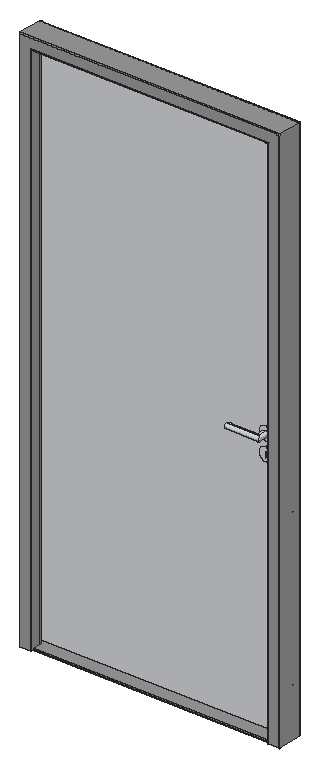
Revit family "Daloc T25 snabbsortiment", category Doors, host Wall, Revit 2017
Family settings
  Host = Wall
  OmniClass Number = 23.30.10.00
  OmniClass Title = Doors
  Always vertical = Yes
  Cut with Voids When Loaded = No
  Shared = No
  Room Calculation Point = No
Parameters (values of type "10x21")
  Vänsterhängd [instance] = no
  Visa kollisionskontroll [instance] = no
  Tröskeltyp V [instance] = no
  Tröskeltyp H [instance] = no
  Tröskeltyp G [instance] = no
  Tröskeltyp CH [instance] = no
  Tröskeltyp CG [instance] = no
  Tröskeltyp B [instance] = yes
  Släplist extrusion start [instance] = 33 mm  # constant formula
  Släplist extrusion end [instance] = Dörrblad bredd + 33 mm  # 957 mm
  Släplist [instance] = or(Tröskeltyp CH, Tröskeltyp CG, Tröskeltyp B)  # yes
  Rough Width = Modulbredd * 100 mm  # 1000 mm
  Monteringshål 99 till 130 [instance] = or(Dörrkarm 45x118, Dörrkarm 45x122, Dörrkarm 45x145)  # no
  Monteringshål 68 till 98 [instance] = or(Dörrkarm 45x68, Dörrkarm 45x92, Dörrkarm 45x98)  # yes
  Modulhöjd [instance] = 21  # constant formula
  Kulör dörrblad [instance] = none
  Kollisionskontroll vänster [instance] = and(Vänsterhängd, Visa kollisionskontroll)  # no
  Kollisionskontroll höger [instance] = and(Högerhängd, Visa kollisionskontroll)  # no
  Högerhängd [instance] = yes
  Function = Interior
  Frigång [instance] = Daloc kollisionskontroll
  Frame Projection Ext. = 25 mm
  Frame Projection Int. = 25 mm
  Frame Width = 75 mm
  Height = 2100 mm
  Wall Closure = By host
  Width = Modulbredd * 100 mm  # 1000 mm
  Modulbredd = 10
  Extra monteringshål 92 till 98 [instance] = and(Extra monteringshål, or(Dörrkarm 45x92, Dörrkarm 45x98))  # no
  Extra monteringshål [instance] = no
  End extrusion kollisionskontroll [instance] = Dörrblad ÖK + 15 mm  # 2060 mm
  Dörrstängare Vänster G [instance] = and(Vänsterhängd, Dörrstängare G sida)  # no
  Dörrstängare Vänster A [instance] = and(Vänsterhängd, Dörrstängare A sida)  # no
  Dörrstängare Höger G [instance] = and(Högerhängd, Dörrstängare G sida)  # no
  Dörrstängare Höger A [instance] = and(Högerhängd, Dörrstängare A sida)  # no
  Dörrstängare G sida [instance] = no
  Dörrstängare A sida [instance] = no
  Dörrkarm 45x98 [instance] = yes
  Dörrkarm 45x92 [instance] = no
  Dörrkarm 45x68 [instance] = no
  Dörrkarm 45x145 [instance] = no
  Dörrkarm 45x122 [instance] = no
  Dörrkarm 45x118 [instance] = no
  Dörrblad ÖK [instance] = Height - 55 mm  # 2045 mm
  Dörrblad tjocklek [instance] = 48 mm  # constant formula
  Dörrblad bredd [instance] = Width - 76 mm  # 924 mm
  Dörrblad UK [instance] = 15 mm
  Datablad [instance] = "http://www.dorrkatalogen.daloc.se/tradorrar/T25/"
Types (4, lengths in mm): name | Släplist extrusion end | Rough Width | Width | Modulbredd | Dörrblad bredd
  (no name) | 957 | 1000 | 1000 | 10 | 924
  8x21 | 757 | 800 | 800 | 8 | 724
  9x21 | 857 | 900 | 900 | 9 | 824
  10x21 | 957 | 1000 | 1000 | 10 | 924
Reference planes
  plane 1: y = 0
  plane 2 "Center (Left/Right)": x = 0
  plane 3 "Left": x = -500
  plane 4 "Right": x = 500
  plane 5: z = 2100
  plane 6 "Exterior": y = 75
  plane 7 "Interior": y = -75
  plane 8: x = 495
  plane 9: x = -495
  plane 10: z = 2093
  plane 11 "tröskel h": x = -480
  plane 12 "tröskel v": x = 480
Forms (mm)
  Sweep 1, solid, material "Daloc dörrkarm VIT S 0500-N", visible <- "Dörrkarm 45x145"
    path origin (0, 75, 0) x (1, 0, 0) y (0, 0, 1)
      loop
        line (495, 0) -> (495, 2093) -> (-495, 2093) -> (-495, 0)
    profile "Träkarm_Profil_45 : 45x145" origin (495, 75, 1046.5) x (-1, 0, 0) y (0, -1, 0)
      loop
        arc (27, 0) -> (29.121, 0.879) -> (30, 3) r 3
        line (30, 3) -> (30, 51)
        arc (30, 51) -> (30.293, 51.707) -> (31, 52) r 1
        line (31, 52) -> (42, 52)
        arc (42, 52) -> (44.121, 52.879) -> (45, 55) r 3
        line (45, 55) -> (45, 142)
        arc (45, 142) -> (44.121, 144.121) -> (42, 145) r 3
        line (42, 145) -> (3, 145)
        arc (3, 145) -> (0.879, 144.121) -> (0, 142) r 3
        line (0, 142) -> (0, 3)
        arc (0, 3) -> (0.879, 0.879) -> (3, 0) r 3
        line (3, 0) -> (27, 0)
  Sweep 2, solid, material "Daloc dörrkarm VIT S 0500-N", visible <- "Dörrkarm 45x122"
    path origin (0, 75, 0) x (1, 0, 0) y (0, 0, 1)
      loop
        line (495, 0) -> (495, 2093) -> (-495, 2093) -> (-495, 0)
    profile "Träkarm_Profil_45 : 45x122" origin (495, 75, 1046.5) x (-1, 0, 0) y (0, -1, 0)
      loop
        arc (27, 0) -> (29.121, 0.879) -> (30, 3) r 3
        line (30, 3) -> (30, 51)
        arc (30, 51) -> (30.293, 51.707) -> (31, 52) r 1
        line (31, 52) -> (42, 52)
        arc (42, 52) -> (44.121, 52.879) -> (45, 55) r 3
        line (45, 55) -> (45, 119)
        arc (45, 119) -> (44.121, 121.121) -> (42, 122) r 3
        line (42, 122) -> (3, 122)
        arc (3, 122) -> (0.879, 121.121) -> (0, 119) r 3
        line (0, 119) -> (0, 3)
        arc (0, 3) -> (0.879, 0.879) -> (3, 0) r 3
        line (3, 0) -> (27, 0)
  Sweep 3, solid, material "Daloc dörrkarm VIT S 0500-N", visible <- "Dörrkarm 45x118"
    path origin (0, 75, 0) x (1, 0, 0) y (0, 0, 1)
      loop
        line (495, 0) -> (495, 2093) -> (-495, 2093) -> (-495, 0)
    profile "Träkarm_Profil_45 : 45x118" origin (495, 75, 1046.5) x (-1, 0, 0) y (0, -1, 0)
      loop
        arc (27, 0) -> (29.121, 0.879) -> (30, 3) r 3
        line (30, 3) -> (30, 51)
        arc (30, 51) -> (30.293, 51.707) -> (31, 52) r 1
        line (31, 52) -> (42, 52)
        arc (42, 52) -> (44.121, 52.879) -> (45, 55) r 3
        line (45, 55) -> (45, 115)
        arc (45, 115) -> (44.121, 117.121) -> (42, 118) r 3
        line (42, 118) -> (3, 118)
        arc (3, 118) -> (0.879, 117.121) -> (0, 115) r 3
        line (0, 115) -> (0, 3)
        arc (0, 3) -> (0.879, 0.879) -> (3, 0) r 3
        line (3, 0) -> (27, 0)
  Sweep 4, solid, material "Daloc dörrkarm VIT S 0500-N", visible <- "Dörrkarm 45x98"
    path origin (0, 75, 0) x (1, 0, 0) y (0, 0, 1)
      loop
        line (495, 0) -> (495, 2093) -> (-495, 2093) -> (-495, 0)
    profile "Träkarm_Profil_45 : 45x98" origin (495, 75, 1046.5) x (-1, 0, 0) y (0, -1, 0)
      loop
        arc (27, 0) -> (29.121, 0.879) -> (30, 3) r 3
        line (30, 3) -> (30, 51)
        arc (30, 51) -> (30.293, 51.707) -> (31, 52) r 1
        line (31, 52) -> (42, 52)
        arc (42, 52) -> (44.121, 52.879) -> (45, 55) r 3
        line (45, 55) -> (45, 95)
        arc (45, 95) -> (44.121, 97.121) -> (42, 98) r 3
        line (42, 98) -> (3, 98)
        arc (3, 98) -> (0.879, 97.121) -> (0, 95) r 3
        line (0, 95) -> (0, 3)
        arc (0, 3) -> (0.879, 0.879) -> (3, 0) r 3
        line (3, 0) -> (27, 0)
  Sweep 5, solid, material "Daloc dörrkarm VIT S 0500-N", visible <- "Dörrkarm 45x92"
    path origin (0, 75, 0) x (1, 0, 0) y (0, 0, 1)
      loop
        line (495, 0) -> (495, 2093) -> (-495, 2093) -> (-495, 0)
    profile "Träkarm_Profil_45 : 45x92" origin (495, 75, 1046.5) x (-1, 0, 0) y (0, -1, 0)
      loop
        arc (27, 0) -> (29.121, 0.879) -> (30, 3) r 3
        line (30, 3) -> (30, 51)
        arc (30, 51) -> (30.293, 51.707) -> (31, 52) r 1
        line (31, 52) -> (42, 52)
        arc (42, 52) -> (44.121, 52.879) -> (45, 55) r 3
        line (45, 55) -> (45, 89)
        arc (45, 89) -> (44.121, 91.121) -> (42, 92) r 3
        line (42, 92) -> (3, 92)
        arc (3, 92) -> (0.879, 91.121) -> (0, 89) r 3
        line (0, 89) -> (0, 3)
        arc (0, 3) -> (0.879, 0.879) -> (3, 0) r 3
        line (3, 0) -> (27, 0)
  Sweep 6, solid, material "Daloc dörrkarm VIT S 0500-N", visible <- "Dörrkarm 45x68"
    path origin (0, 75, 0) x (1, 0, 0) y (0, 0, 1)
      loop
        line (495, 0) -> (495, 2093) -> (-495, 2093) -> (-495, 0)
    profile "Träkarm_Profil_45 : 45x68" origin (495, 75, 1046.5) x (-1, 0, 0) y (0, -1, 0)
      loop
        arc (27, 0) -> (29.121, 0.879) -> (30, 3) r 3
        line (30, 3) -> (30, 51)
        arc (30, 51) -> (30.293, 51.707) -> (31, 52) r 1
        line (31, 52) -> (42, 52)
        arc (42, 52) -> (44.121, 52.879) -> (45, 55) r 3
        line (45, 55) -> (45, 65)
        arc (45, 65) -> (44.121, 67.121) -> (42, 68) r 3
        line (42, 68) -> (3, 68)
        arc (3, 68) -> (0.879, 67.121) -> (0, 65) r 3
        line (0, 65) -> (0, 3)
        arc (0, 3) -> (0.879, 0.879) -> (3, 0) r 3
        line (3, 0) -> (27, 0)
  Extrusion 7, solid, material "Daloc tröskel EK", visible <- "Tröskeltyp H"
    sketch origin (0, 1371.396, -1281.888) x (0, 1, 0) y (0, 0, 1)
      loop
        arc (-1387.333, 1301.886) -> (-1386.455, 1304.007) -> (-1384.333, 1304.886) r 3.001
        line (-1384.333, 1304.886) -> (-1348.885, 1304.886)
        arc (-1348.885, 1304.886) -> (-1347.827, 1304.448) -> (-1347.388, 1303.39) r 1.496
        line (-1347.388, 1303.39) -> (-1347.388, 1291.888) -> (-1299.396, 1291.888)
        arc (-1299.396, 1291.888) -> (-1297.275, 1291.009) -> (-1296.396, 1288.888) r 3
        line (-1296.396, 1288.888) -> (-1296.396, 1281.888) -> (-1387.396, 1281.888) -> (-1387.396, 1301.888)
    from -480 to 480
  Extrusion 8, solid, material "Daloc tröskel EK", visible <- "Tröskeltyp B"
    sketch origin (0, 1891.855, -1544.4) x (0, 1, 0) y (0, 0, 1)
      loop
        arc (-1816.855, 1550.4) -> (-1817.441, 1551.814) -> (-1818.855, 1552.4) r 2
        line (-1818.855, 1552.4) -> (-1906.855, 1552.4)
        arc (-1906.855, 1552.4) -> (-1908.269, 1551.814) -> (-1908.855, 1550.4) r 2
        line (-1908.855, 1550.4) -> (-1908.855, 1544.4) -> (-1816.855, 1544.4) -> (-1816.855, 1550.4)
    from -480 to 480
  Extrusion 9, solid, material "ABS Plastic", visible <- "Tröskeltyp CH"
    sketch origin (0, 1957.784, -1780.388) x (0, 1, 0) y (0, 0, 1)
      loop
        arc (-1882.784, 1783.388) -> (-1917.784, 1790.388) -> (-1952.784, 1783.388) r 91
        line (-1952.784, 1783.388) -> (-1952.784, 1780.388) -> (-1882.784, 1780.388) -> (-1882.784, 1783.388)
    from -480 to 480
  Extrusion 10, solid, material "Daloc tröskel EK", visible <- "Tröskeltyp G"
    sketch origin (0, 1271.835, -1459.847) x (0, 1, 0) y (0, 0, 1)
      loop
        line (-1196.835, 1459.847) -> (-1196.835, 1466.847)
        arc (-1196.835, 1466.847) -> (-1197.713, 1468.968) -> (-1199.835, 1469.847) r 3
        line (-1199.835, 1469.847) -> (-1247.835, 1469.847) -> (-1247.835, 1481.347)
        arc (-1247.835, 1481.347) -> (-1248.274, 1482.408) -> (-1249.335, 1482.847) r 1.5
        line (-1249.335, 1482.847) -> (-1267.835, 1482.847)
        arc (-1267.835, 1482.847) -> (-1268.402, 1482.793) -> (-1268.949, 1482.632) r 3
        line (-1268.949, 1482.632) -> (-1285.949, 1477.632)
        arc (-1285.949, 1477.632) -> (-1287.319, 1476.529) -> (-1287.835, 1474.847) r 3
        line (-1287.835, 1474.847) -> (-1287.835, 1459.847) -> (-1196.835, 1459.847)
    from -480 to 480
  Extrusion 11, solid, material "Daloc tröskel EK", visible <- "Tröskeltyp V"
    sketch origin (0, 1480.056, -1792.621) x (0, 1, 0) y (0, 0, 1)
      loop
        arc (-1405.056, 1799.621) -> (-1405.934, 1801.742) -> (-1408.056, 1802.621) r 3
        line (-1408.056, 1802.621) -> (-1460.056, 1802.621)
        arc (-1460.056, 1802.621) -> (-1460.763, 1802.914) -> (-1461.056, 1803.621) r 1
        line (-1461.056, 1803.621) -> (-1461.056, 1812.621)
        arc (-1461.056, 1812.621) -> (-1461.934, 1814.742) -> (-1464.056, 1815.621) r 3
        line (-1464.056, 1815.621) -> (-1494.056, 1815.621)
        arc (-1494.056, 1815.621) -> (-1496.177, 1814.742) -> (-1497.056, 1812.621) r 3
        line (-1497.056, 1812.621) -> (-1497.056, 1807.621) -> (-1494.056, 1807.621) -> (-1494.056, 1792.621) -> (-1405.056, 1792.621) -> (-1405.056, 1799.621)
    from -480 to 480
  Extrusion 12, solid, material "ABS Plastic", visible <- "Tröskeltyp CG"
    sketch origin (0, 751.018, -811.599) x (0, 1, 0) y (0, 0, 1)
      loop
        line (-667.018, 811.099) -> (-677.327, 811.584) -> (-676.018, 815.599) -> (-685.018, 815.599)
        arc (-685.018, 815.599) -> (-715.018, 820.599) -> (-745.018, 815.599) r 92.5
        line (-745.018, 815.599) -> (-754.018, 815.599) -> (-752.708, 811.584) -> (-763.018, 811.099) -> (-763.018, 810.252) -> (-667.018, 810.252) -> (-667.018, 811.099)
    from -480 to 480
  Extrusion 13, solid, material "Stainless Steel", visible <- "Högerhängd"
    sketch origin (0, 0, 0) x (1, 0, 0) y (0, 1, 0)
      loop
        circle (-462, 83.5) r 8.5
    from 190 to 310
  Extrusion 14, solid, material "Stainless Steel", visible <- "Högerhängd"
    sketch origin (0, 0, 0) x (1, 0, 0) y (0, 1, 0)
      loop
        circle (-462, 83.5) r 8.5
    from 1730 to 1858
  Extrusion 15, solid, material "Stainless Steel", visible <- "Vänsterhängd"
    sketch origin (0, 0, 0) x (1, 0, 0) y (0, 1, 0)
      loop
        circle (462, 83.5) r 8.5
    from 190 to 310
  Extrusion 16, solid, material "Stainless Steel", visible <- "Vänsterhängd"
    sketch origin (0, 0, 0) x (1, 0, 0) y (0, 1, 0)
      loop
        circle (462, 83.5) r 8.5
    from 1730 to 1858
  Extrusion 17, solid, material "Daloc kollisionskontroll" <- "Frigång", visible <- "Kollisionskontroll höger"
    sketch origin (0, 0, 0) x (1, 0, 0) y (0, 1, 0)
      loop
        line (-462, 75) -> (462, 75)
        arc (462, 75) -> (-381.468, 995.484) -> (-1371.962, 235.451) r 924
        line (-1371.962, 235.451) -> (-462, 75)
    from 15 <- "Dörrblad UK" to 2060 <- "End extrusion kollisionskontroll"
  Extrusion 18, solid, material "Daloc kollisionskontroll" <- "Frigång", visible <- "Kollisionskontroll vänster"
    sketch origin (0, 0, 0) x (1, 0, 0) y (0, 1, 0)
      loop
        line (462, 75) -> (1371.962, 235.451)
        arc (1371.962, 235.451) -> (381.468, 995.484) -> (-462, 75) r 924
        line (-462, 75) -> (462, 75)
    from 15 <- "Dörrblad UK" to 2060 <- "End extrusion kollisionskontroll"
  Extrusion 19, solid, material "Hål", visible <- "Monteringshål 68 till 98"
    sketch origin (-495, 300, -532.866) x (0, 0, -1) y (0, 1, 0)
      loop
        circle (-729.866, -258) r 7
      loop
        circle (-1319.866, -258) r 7
      loop
        circle (-2006.866, -258) r 7
      loop
        circle (-2428.866, -258) r 7
    from 0 to 30.1
  Extrusion 20, solid, material "Hål", visible <- "Monteringshål 68 till 98"
    sketch origin (495, 300, 2968.966) x (0, 0, 1) y (0, 1, 0)
      loop
        circle (-2771.966, -258) r 7
      loop
        circle (-2181.966, -258) r 7
      loop
        circle (-1494.966, -258) r 7
      loop
        circle (-1072.966, -258) r 7
    from 0 to 30.1
  Extrusion 21, solid, material "Hål", visible <- "Extra monteringshål 92 till 98"
    sketch origin (495, 300, 2968.966) x (0, 0, 1) y (0, 1, 0)
      loop
        circle (-2771.966, -291) r 7
      loop
        circle (-2181.966, -291) r 7
      loop
        circle (-1494.966, -291) r 7
      loop
        circle (-1072.966, -291) r 7
    from 0 to 45.1
  Extrusion 22, solid, material "Hål", visible <- "Extra monteringshål 92 till 98"
    sketch origin (-495, 300, -532.866) x (0, 0, -1) y (0, 1, 0)
      loop
        circle (-729.866, -291) r 7
      loop
        circle (-1319.866, -291) r 7
      loop
        circle (-2006.866, -291) r 7
      loop
        circle (-2428.866, -291) r 7
    from 0 to 45.1
  Extrusion 23, solid, material "Hål", visible <- "Monteringshål 99 till 130"
    sketch origin (-495, 300, -532.866) x (0, 0, -1) y (0, 1, 0)
      loop
        circle (-2428.866, -291) r 7
      loop
        circle (-2006.866, -291) r 7
      loop
        circle (-1319.866, -291) r 7
      loop
        circle (-729.866, -291) r 7
    from 0 to 45.1
  Extrusion 24, solid, material "Hål", visible <- "Monteringshål 99 till 130"
    sketch origin (495, 300, 2968.966) x (0, 0, 1) y (0, 1, 0)
      loop
        circle (-1072.966, -291) r 7
      loop
        circle (-1494.966, -291) r 7
      loop
        circle (-2181.966, -291) r 7
      loop
        circle (-2771.966, -291) r 7
    from 0 to 45.1
  Extrusion 25, solid, material "Hål", visible <- "Dörrkarm 45x145"
    sketch origin (-495, 300, -532.866) x (0, 0, -1) y (0, 1, 0)
      loop
        circle (-729.866, -330) r 7
      loop
        circle (-1319.866, -330) r 7
      loop
        circle (-2006.866, -330) r 7
      loop
        circle (-2428.866, -330) r 7
    from 0 to 45.1
  Extrusion 26, solid, material "Hål", visible <- "Dörrkarm 45x145"
    sketch origin (495, 300, 2968.966) x (0, 0, 1) y (0, 1, 0)
      loop
        circle (-2771.966, -330) r 7
      loop
        circle (-2181.966, -330) r 7
      loop
        circle (-1494.966, -330) r 7
      loop
        circle (-1072.966, -330) r 7
    from 0 to 45.1
  Extrusion 27, solid, material "Rubber, Natural", visible <- "Släplist"
    sketch origin (-495, -1027.524, -1422.45) x (0, 0, -1) y (0, 1, 0)
      loop
        line (-1437.45, 1072.524) -> (-1434.45, 1072.524)
        arc (-1434.45, 1072.524) -> (-1432.091, 1077.145) -> (-1431.819, 1082.327) r 12.453
        arc (-1431.819, 1082.327) -> (-1432.515, 1078.216) -> (-1434.45, 1074.524) r 13.276
        line (-1434.45, 1074.524) -> (-1434.45, 1082.524)
        arc (-1434.45, 1082.524) -> (-1430.619, 1086.508) -> (-1430.127, 1092.013) r 8.327
        arc (-1430.127, 1092.013) -> (-1431.288, 1087.691) -> (-1434.45, 1084.524) r 8.67
        line (-1434.45, 1084.524) -> (-1437.45, 1084.524) -> (-1437.45, 1072.524)
    from 33 <- "Släplist extrusion start" to 957 <- "Släplist extrusion end"
Lines and regions (mm)
  Opening 1
    outline origin (-3050, -75, 0) x (1, 0, 0) y (0, 0, 1)
      loop
        line (2550, 0) -> (3550, 0) -> (3550, 2100) -> (2550, 2100) -> (2550, 0)
  symbolic lines, style "Elevation Swing"
    curve 1: line (500, -75, 1050) -> (-500, -75, 2100)
    curve 2: line (500, -75, 1050) -> (-500, -75, 0)
  symbolic lines, visible <- "Högerhängd"
    curve 3: line (-462, 75, 0) -> (-1371.962, 235.451, 0)
    curve 4: arc (-1371.962, 235.451, 0) -> (-381.468, 995.484, 0) -> (462, 75, 0) r 924
  symbolic lines, visible <- "Vänsterhängd"
    curve 5: line (462, 75, 0) -> (1371.962, 235.451, 0)
    curve 6: arc (1371.962, 235.451, 0) -> (381.468, 995.484, 0) -> (-462, 75, 0) r 924
Text (mm)
  text "Exterior" at (-2295.016, 1099.543, 0), in view "Ref. Level"
  text "Exterior" at (0, 1615.38, 3698.081), in view "Left"
  text "Exterior" at (0, 1036.032, 3874.932), in view "Right"
Dimensions and locks
  equal spacing: plane 3 "Left", plane 2 "Center (Left/Right)", plane 4 "Right"
  "Width": plane 3 "Left" to plane 4 "Right"
  "Height": plane 5 to host wall
  equal spacing: host wall, curve 2, plane 5
  host wall to plane 5 = 2100 mm
  locked: plane 6 "Exterior" to host wall at 0
  locked: plane 7 "Interior" to host wall
  locked: plane 8 to plane 4 "Right" at 5
  locked: plane 3 "Left" to plane 9 at 5
  locked: plane 10 to plane 5 at 7
  locked: nested 3 to nested 1 at 55
  locked: nested 1 to nested 2 at 55
  locked: nested 4 to nested 1 at 55
  locked: nested 1 to nested 5 at 55
  locked: plane 6 "Exterior" to Extrusion 8 at 0
  locked: Extrusion 8 to level
  locked: Extrusion 9 to level
  locked: plane 6 "Exterior" to Extrusion 9 at 0
  locked: plane 6 "Exterior" to Extrusion 10 at 0
  locked: Extrusion 10 to level
  locked: plane 6 "Exterior" to Extrusion 11 at 0
  locked: Extrusion 11 to level
  locked: plane 6 "Exterior" to nested 7 at 0
  locked: plane 6 "Exterior" to nested 9 at 0
  locked: nested 1 to Extrusion 13 sketch curve at 8.5
  locked: nested 1 to Extrusion 13 sketch curve at 0
  locked: nested 1 to Extrusion 14 sketch curve at 8.5
  locked: nested 1 to Extrusion 14 sketch curve
  nested 1 to Extrusion 15 sketch curve = 8.5 mm
  Extrusion 15 sketch curve to nested 1 = 0 mm
  nested 1 to Extrusion 16 sketch curve = 8.5 mm
  Extrusion 16 sketch curve to nested 1 = 0 mm
  "Dörrblad bredd": curve 3 to curve 3
  locked: curve 3 to nested 1
  locked: nested 1 to curve 3
  "Dörrblad bredd": curve 5 to curve 5
  locked: nested 1 to curve 5 at 0  (x2)
  locked: plane 3 "Left" to plane 11 "tröskel h" at 20
  locked: plane 12 "tröskel v" to plane 4 "Right" at 20
  locked: Extrusion 19 sketch curve to level at 197
  locked: Extrusion 19 sketch curve to level at 787
  locked: Extrusion 19 sketch curve to level at 1474
  locked: Extrusion 19 sketch curve to level at 1896
  locked: plane 6 "Exterior" to Extrusion 19 sketch curve at 33  (x4)
  locked: Extrusion 21 sketch curve to level at 197
  locked: Extrusion 21 sketch curve to level at 787
  locked: Extrusion 21 sketch curve to level at 1474
  locked: Extrusion 21 sketch curve to level at 1896
  locked: Extrusion 21 sketch curve to plane 6 "Exterior" at 66  (x3)
  Extrusion 21 sketch curve to plane 6 "Exterior" = 66 mm
  locked: Extrusion 25 sketch curve to level at 197
  locked: Extrusion 25 sketch curve to level at 787
  locked: Extrusion 25 sketch curve to level at 1474
  locked: Extrusion 25 sketch curve to level at 1896
  locked: plane 6 "Exterior" to Extrusion 25 sketch curve at 105  (x4)
  locked: nested 1 to nested 7 at 67
  locked: nested 1 to nested 6 at 67
  locked: nested 9 to nested 1 at 67
  locked: nested 8 to nested 1 at 67
  locked: Extrusion 12 to plane 6 "Exterior" at 9
  locked: Extrusion 12 to level at 4
  locked: Extrusion 27 to nested 1 at 18
  locked: Extrusion 27 to nested 1 at 0
  locked: Extrusion 12 sketch curve to Extrusion 12 sketch curve at 5.348
  locked: Extrusion 12 sketch curve to Extrusion 12 sketch curve at 4.223
  locked: Extrusion 12 sketch curve to Extrusion 12 sketch curve at 78
  locked: Extrusion 12 sketch curve to Extrusion 12 sketch curve at 9
  locked: Extrusion 9 sketch curve to Extrusion 9 sketch curve at 70
  locked: Extrusion 9 sketch curve to Extrusion 9 sketch curve at 3  (x2)
  locked: plane 6 "Exterior" to Extrusion 11 sketch curve at 56
  Extrusion 11 sketch curve to Extrusion 11 sketch curve = 36 mm
  locked: plane 6 "Exterior" to Extrusion 8 sketch curve at 92
  locked: plane 6 "Exterior" to Extrusion 10 sketch curve at 91
  Extrusion 10 sketch curve to Extrusion 10 sketch curve = 40 mm
  Extrusion 10 sketch curve to Extrusion 10 sketch curve = 13 mm
  Extrusion 10 sketch curve to Extrusion 10 sketch curve = 17.72 mm
  Extrusion 10 sketch curve to Extrusion 10 sketch curve = 18.5 mm
  Extrusion 11 sketch curve to Extrusion 11 sketch curve = 33 mm
  Extrusion 7 sketch curve to Extrusion 7 sketch curve = 50.992 mm
  Extrusion 7 sketch curve to Extrusion 7 sketch curve = 91 mm
  radius of Extrusion 12 sketch curve = 92.5 mm
  radius of Extrusion 9 sketch curve = 91 mm
  locked: nested 1 to curve 3 (angle 170.00°)
  locked: curve 5 to nested 1 (angle 170.00°)
  aligned and locked: plane 3 "Left" to Opening 1 sketch curve
  aligned and locked: plane 5 to Opening 1 sketch curve  (x2)
  aligned and locked: Opening 1 sketch curve to plane 4 "Right"
  aligned and locked: Opening 1 sketch curve to level
  aligned and locked: plane 5 to curve 1
  aligned and locked: plane 3 "Left" to curve 2
  aligned and locked: plane 1 to host wall
  aligned and locked: plane 3 "Left" to curve 1
  aligned and locked: plane 2 "Center (Left/Right)" to nested 1
  aligned and locked: plane 6 "Exterior" to nested 1
  aligned and locked: Sweep 1 sketch curve to plane 8
  aligned and locked: plane 10 to Sweep 1 sketch curve
  aligned and locked: Sweep 1 sketch curve to plane 9
  aligned and locked: Sweep 2 sketch curve to Sweep 1  (x3)
  aligned and locked: Sweep 3 sketch curve to Sweep 1  (x3)
  aligned and locked: Sweep 4 sketch curve to Sweep 1  (x3)
  aligned and locked: Sweep 5 sketch curve to Sweep 1  (x3)
  aligned and locked: Sweep 6 sketch curve to Sweep 1  (x3)
  aligned and locked: nested 3 to nested 1
  aligned and locked: nested 1 to nested 2
  aligned and locked: nested 4 to nested 1
  aligned and locked: nested 1 to nested 5
  aligned and locked: Extrusion 7 to plane 6 "Exterior"
  aligned and locked: nested 1 to plane 6 "Exterior"
  aligned and locked: nested 6 to nested 1
  aligned and locked: nested 8 to nested 1
  aligned and locked: Extrusion 17 sketch curve to curve 3
  aligned and locked: Extrusion 17 sketch curve to curve 4
  aligned and locked: Extrusion 17 sketch curve to nested 1
  aligned and locked: Extrusion 18 sketch curve to curve 5
  aligned and locked: Extrusion 18 sketch curve to curve 6
  aligned and locked: Extrusion 18 sketch curve to nested 1
  aligned and locked: Extrusion 9 to plane 11 "tröskel h"
  aligned and locked: Extrusion 10 to Extrusion 9  (x2)
  aligned and locked: Extrusion 11 to Extrusion 9
  aligned and locked: Extrusion 7 to Extrusion 9  (x2)
  aligned and locked: Extrusion 8 to Extrusion 7  (x2)
  aligned and locked: plane 12 "tröskel v" to Extrusion 9
  aligned and locked: Extrusion 11 to Extrusion 7
  aligned and locked: Extrusion 19 to plane 9
  aligned and locked: Extrusion 20 sketch curve to Extrusion 19  (x7)
  aligned and locked: Extrusion 22 sketch curve to Extrusion 21  (x8)
  aligned and locked: Extrusion 23 sketch curve to Extrusion 22  (x8)
  aligned and locked: Extrusion 24 sketch curve to Extrusion 21  (x8)
  aligned and locked: Extrusion 26 sketch curve to Extrusion 25  (x8)
  aligned and locked: Extrusion 12 to Extrusion 7
  aligned and locked: Extrusion 7 to Extrusion 12
  aligned and locked: nested 1 to Extrusion 27
Automatic sketch dimensions
  curve 2 to level = 0 mm
  plane 4 "Right" to curve 2 = 0 mm
  Sweep 1 sketch curve to level = 0 mm  (x2)
  Sweep 2 sketch curve to level = 0 mm  (x2)
  Sweep 3 sketch curve to level = 0 mm  (x2)
  Sweep 4 sketch curve to level = 0 mm  (x2)
  Sweep 5 sketch curve to level = 0 mm  (x2)
  Sweep 6 sketch curve to level = 0 mm  (x2)
  Extrusion 7 sketch curve to level = 0 mm
  Extrusion 7 sketch curve to host wall = 3 mm
  Extrusion 7 sketch curve to Extrusion 7 sketch curve = 1.496 mm
  level to Extrusion 7 sketch curve = 7 mm
  Extrusion 7 sketch curve to Extrusion 7 sketch curve = 11.502 mm
  Extrusion 7 sketch curve to Extrusion 7 sketch curve = 0.002 mm
  Extrusion 8 sketch curve to level = 0 mm
  Extrusion 8 sketch curve to host wall = 0 mm
  Extrusion 8 sketch curve to host wall = 2 mm
  level to Extrusion 8 sketch curve = 8 mm
  Extrusion 8 sketch curve to Extrusion 8 sketch curve = 2 mm
  Extrusion 9 sketch curve to level = 0 mm
  Extrusion 9 sketch curve to host wall = 0 mm
  Extrusion 10 sketch curve to level = 0 mm
  Extrusion 10 sketch curve to host wall = 0 mm
  Extrusion 10 sketch curve to host wall = 3 mm
  Extrusion 10 sketch curve to Extrusion 10 sketch curve = 1.5 mm
  Extrusion 10 sketch curve to Extrusion 10 sketch curve = 1.114 mm  (x2)
  Extrusion 10 sketch curve to Extrusion 10 sketch curve = 3 mm
  level to Extrusion 10 sketch curve = 7 mm
  Extrusion 10 sketch curve to Extrusion 10 sketch curve = 5 mm
  Extrusion 11 sketch curve to level = 0 mm
  Extrusion 11 sketch curve to host wall = 0 mm
  Extrusion 11 sketch curve to host wall = 3 mm
  Extrusion 11 sketch curve to Extrusion 11 sketch curve = 1 mm
  Extrusion 11 sketch curve to Extrusion 11 sketch curve = 3 mm
  level to Extrusion 11 sketch curve = 7 mm
  level to Extrusion 11 sketch curve = 15 mm
  Extrusion 11 sketch curve to Extrusion 11 sketch curve = 9 mm
  Extrusion 12 sketch curve to host wall = 0 mm
  Extrusion 12 sketch curve to level = 0.015 mm  (x2)
  Extrusion 12 sketch curve to host wall = 1.309 mm
  Extrusion 12 sketch curve to Extrusion 12 sketch curve = 7.691 mm
  Extrusion 12 sketch curve to level = 1.348 mm
  Extrusion 12 sketch curve to Extrusion 12 sketch curve = 10.309 mm
  host wall to Extrusion 12 sketch curve = 9 mm
  Extrusion 12 sketch curve to level = 0.5 mm  (x2)
  level to Extrusion 12 sketch curve = 4 mm
  Extrusion 20 sketch curve to Extrusion 20 sketch curve = 0 mm  (x8)
  Extrusion 22 sketch curve to Extrusion 22 sketch curve = 0 mm  (x8)
  Extrusion 23 sketch curve to Extrusion 23 sketch curve = 0 mm  (x8)
  Extrusion 24 sketch curve to Extrusion 24 sketch curve = 0 mm  (x8)
  Extrusion 26 sketch curve to Extrusion 26 sketch curve = 0 mm  (x8)
  level to Extrusion 27 sketch curve = 22.644 mm
  Extrusion 27 sketch curve to Extrusion 27 sketch curve = 0.976 mm
  Extrusion 27 sketch curve to Extrusion 27 sketch curve = 6.298 mm
  Extrusion 27 sketch curve to Extrusion 27 sketch curve = 0.6 mm
  Extrusion 27 sketch curve to Extrusion 27 sketch curve = 0.746 mm
  Extrusion 27 sketch curve to Extrusion 27 sketch curve = 3 mm  (x2)
  Extrusion 27 sketch curve to Extrusion 27 sketch curve = 0 mm
  Extrusion 27 sketch curve to host wall = 30 mm
  Extrusion 27 sketch curve to Extrusion 27 sketch curve = 2.085 mm
  Extrusion 27 sketch curve to Extrusion 27 sketch curve = 2.151 mm
  Extrusion 27 sketch curve to Extrusion 27 sketch curve = 2 mm  (x2)
  Extrusion 27 sketch curve to Extrusion 27 sketch curve = 5.437 mm
  Extrusion 27 sketch curve to Extrusion 27 sketch curve = 2.065 mm
  Extrusion 27 sketch curve to Extrusion 27 sketch curve = 2.631 mm
  Extrusion 11 sketch curve to Extrusion 11 sketch curve = 0 mm
  Extrusion 7 sketch curve to host wall = 0 mm
  Extrusion 7 sketch curve to Extrusion 7 sketch curve = 3.063 mm
  Extrusion 7 sketch curve to Extrusion 7 sketch curve = 3.001 mm
  radius of Extrusion 13 sketch curve = 8.5 mm
  radius of Extrusion 14 sketch curve = 8.5 mm
  radius of Extrusion 15 sketch curve = 8.5 mm
  radius of Extrusion 16 sketch curve = 8.5 mm
  radius of Extrusion 19 sketch curve = 7 mm  (x4)
  radius of Extrusion 21 sketch curve = 7 mm  (x4)
  radius of Extrusion 25 sketch curve = 7 mm  (x4)
Nested families
  nested 1: "Dörrblad_T25" at (0, 27, 15), Kulör dörrblad <- "Kulör dörrblad", Dörrblad bredd <- "Dörrblad bredd", Dörrblad tjocklek <- "Dörrblad tjocklek", Dörrblad ÖK <- "Dörrblad ÖK", built-in parameter 1001364 <- "Dörrblad UK", type "Dörrblad_T25"
    with Kulör dörrblad none, Dörrblad ÖK 2045 mm, Dörrblad tjocklek 48 mm, Dörrblad bredd 924 mm
  nested 2: "Handtag_J" at (-407, 75, 1024) x (-1, 0, 0) z (0, 1, 0), visible <- "Vänsterhängd", type "Handtag_J"
    with Handtag Ytterdörr none
  nested 3: "Handtag_J" at (407, 27, 1024) x (1, 0, 0) z (0, -1, 0), visible <- "Högerhängd", type "Handtag_J"
    with Handtag Ytterdörr none
  nested 4: "Handtag_J" at (407, 75, 1024) x (1, 0, 0) z (0, 1, 0), visible <- "Högerhängd", type "Handtag_J"
    with Handtag Ytterdörr none
  nested 5: "Handtag_J" at (-407, 27, 1024) x (-1, 0, 0) z (0, -1, 0), visible <- "Vänsterhängd", type "Handtag_J"
    with Handtag Ytterdörr none
  nested 6: "Dörrstängare" at (-395, -19, 1968), visible <- "Dörrstängare Höger A", type "Dörrstängare"
  nested 7: "Dörrstängare" at (-150, 121, 1977) x (-1, 0, 0) z (0, 0, 1), visible <- "Dörrstängare Höger G", type "Dörrstängare"
  nested 8: "Dörrstängare" at (150, -19, 1968), visible <- "Dörrstängare Vänster A", type "Dörrstängare"
  nested 9: "Dörrstängare" at (395, 121, 1977) x (-1, 0, 0) z (0, 0, 1), visible <- "Dörrstängare Vänster G", type "Dörrstängare"
Definition of nested family "Dörrblad_T25"
  Parameters (values of type "Dörrblad_T25")
    Kulör dörrblad [instance] = none
    Dörrblad ÖK [instance] = 2000 mm
    Dörrblad tjocklek [instance] = 47.861 mm
    Dörrblad bredd [instance] = 1300 mm
  Reference planes
    plane 1 "Center (Front/Back)": y = 0
    plane 2: z = 0
    plane 3 "Center (Left/Right)": x = 0
  Forms (mm)
    Extrusion 1, solid, material <- "Kulör dörrblad"
      sketch origin (0, 0, 0) x (1, 0, 0) y (0, 1, 0)
        loop
          line (-650, 0) -> (650, 0) -> (650, 47.861) -> (-650, 47.861) -> (-650, 0)
      from 0 to 2000 <- "Dörrblad ÖK"
  Lines and regions (mm)
    symbolic lines
      curve 1: line (-650, 47.861, 0) -> (650, 47.861, 0)
      curve 2: line (-650, 0, 0) -> (-650, 47.861, 0)
      curve 3: line (650, 0, 0) -> (-650, 0, 0)
      curve 4: line (650, 47.861, 0) -> (650, 0, 0)
  Dimensions and locks
    "Dörrblad tjocklek": curve 3 to curve 1
    "Dörrblad bredd": curve 2 to curve 4
    equal spacing: curve 2, plane 3 "Center (Left/Right)", curve 4, locked at 650 each
    aligned and locked: level to plane 2
    aligned and locked: curve 3 to plane 1 "Center (Front/Back)"
    aligned and locked: Extrusion 1 sketch curve to curve 2
    aligned and locked: Extrusion 1 sketch curve to curve 1
    aligned and locked: Extrusion 1 sketch curve to curve 4
    aligned and locked: Extrusion 1 sketch curve to curve 3
Definition of nested family "Handtag_J"
  Parameters (values of type "Handtag_J")
    Handtag Ytterdörr [instance] = none
    Default Elevation = 1219.2 mm
  Reference planes
    plane 1 "Center (Front/Back)": y = 0
    plane 2: z = 0
    plane 3 "Center (Left/Right)": x = 0
  Forms (mm)
    Extrusion 1, solid
      sketch origin (0, 0, 0) x (1, 0, 0) y (0, 1, 0)
        loop
          line (-1219.2, 1219.2) -> (-1219.2, -1219.2) -> (1219.2, -1219.2) -> (1219.2, 1219.2) -> (-1219.2, 1219.2)
      from 0 to -304.8
    Extrusion 2, solid, material <- "Handtag Ytterdörr"
      sketch origin (0, 35.531, 0) x (-1, 0, 0) y (0, -1, 0)
        loop
          circle (0, 107.075) r 25
        loop
          line (-1.871, 118.619) -> (-1.871, 95.531) -> (1.871, 95.531) -> (1.871, 118.619) -> (-1.871, 118.619)
      from 0 to 5
    Extrusion 3, solid, material <- "Handtag Ytterdörr"
      sketch origin (0, 110, 0) x (-1, 0, 0) y (0, -1, 0)
        loop
          circle (0, 110) r 25
      from 0 to 5
    Sweep 4, solid, material <- "Handtag Ytterdörr"
      path origin (0, 0, 0) x (-1, 0, 0) y (0, 0, -1)
        loop
          line (0, -5) -> (0, -40) -> (120, -40)
      profile origin (0, 0, 22.5) x (-1, 0, 0) y (0, -1, 0)
        loop
          spline (0, 8) -> (-3.106, 7.727) -> (-6, 6.928) -> (-8.485, 5.657) -> (-10.392, 4) -> (-11.591, 2.071) -> (-12, 0) -> (-11.591, -2.071) -> (-10.392, -4) -> (-8.485, -5.657) -> (-6, -6.928) -> (-3.106, -7.727) -> (0, -8)
          spline (0, -8) -> (3.106, -7.727) -> (6, -6.928) -> (8.485, -5.657) -> (10.392, -4) -> (11.591, -2.071) -> (12, 0) -> (11.591, 2.071) -> (10.392, 4) -> (8.485, 5.657) -> (6, 6.928) -> (3.106, 7.727) -> (0, 8)
  Dimensions and locks
    Extrusion 2 sketch curve to Extrusion 2 sketch curve = 3.742 mm
    equal spacing: Extrusion 2 sketch curve, Extrusion 2 sketch curve, Extrusion 2 sketch curve
    aligned and locked: plane 2 to Extrusion 1
    aligned and locked: level to Extrusion 1
Definition of nested family "Dörrstängare"
  Reference planes
    plane 1 "Center (Front/Back)": y = 0
    plane 2: z = 0
    plane 3 "Center (Left/Right)": x = 0
  Forms (mm)
    Extrusion 1, solid
      sketch origin (0, -14, 0) x (1, 0, 0) y (0, 1, 0)
        loop
          line (0, 14) -> (245, 14) -> (245, 60) -> (0, 60) -> (0, 14)
      from 0 to 60
    Extrusion 2, solid
      sketch origin (0, 0, 0) x (1, 0, 0) y (0, 1, 0)
        loop
          circle (158, 23) r 11
      from 60 to 76
    Extrusion 3, solid
      sketch origin (0, 0, 0) x (1, 0, 0) y (0, 1, 0)
        loop
          arc (147, -266) -> (150.222, -273.778) -> (158, -277) r 11
          arc (158, -277) -> (165.778, -273.778) -> (169, -266) r 11
          line (169, -266) -> (169, 23)
          arc (169, 23) -> (158, 34) -> (147, 23) r 11
          line (147, 23) -> (147, -266)
      from 76 to 81
  Lines and regions (mm)
    symbolic lines
      curve 1: circle (158, 23, 0) r 11 normal (0, 0, 1)
      curve 2: line (147, 23, 0) -> (169, 23, 0)
      curve 3: arc (158, -277, 0) -> (150.222, -273.778, 0) -> (147, -266, 0) r 11
      curve 4: arc (158, -277, 0) -> (165.778, -273.778, 0) -> (169, -266, 0) r 11
      curve 5: line (169, -266, 0) -> (169, 23, 0)
      curve 6: line (147, -266, 0) -> (147, 23, 0)
  Dimensions and locks
    Extrusion 1 sketch curve to Extrusion 1 sketch curve = 46 mm
    Extrusion 1 sketch curve to Extrusion 1 sketch curve = 245 mm
    locked: Extrusion 1 to Extrusion 1 at 46
    locked: Extrusion 1 to Extrusion 1 at 245
    locked: curve 1 to Extrusion 1 at 87
    locked: Extrusion 1 to curve 1 at 23
    locked: Extrusion 1 to curve 2 at 23
    locked: curve 3 to curve 2 at 300
    diameter of curve 1 = 22 mm
    aligned and locked: level to plane 2
    aligned and locked: plane 1 "Center (Front/Back)" to Extrusion 1
    aligned and locked: Extrusion 2 sketch curve to curve 1
    aligned and locked: Extrusion 3 sketch curve to curve 6
  Automatic sketch dimensions
    Extrusion 1 sketch curve to plane 3 "Center (Left/Right)" = 0 mm
    plane 1 "Center (Front/Back)" to Extrusion 1 sketch curve = 0 mm
    curve 3 to curve 4 = 0 mm  (x2)
    plane 3 "Center (Left/Right)" to curve 3 = 158 mm
    curve 3 to curve 5 = 11 mm
    plane 1 "Center (Front/Back)" to Extrusion 3 sketch curve = 266 mm
    Extrusion 3 sketch curve to plane 1 "Center (Front/Back)" = 23 mm
    Extrusion 3 sketch curve to Extrusion 3 sketch curve = 11 mm
    Extrusion 3 sketch curve to Extrusion 3 sketch curve = 0 mm  (x2)
